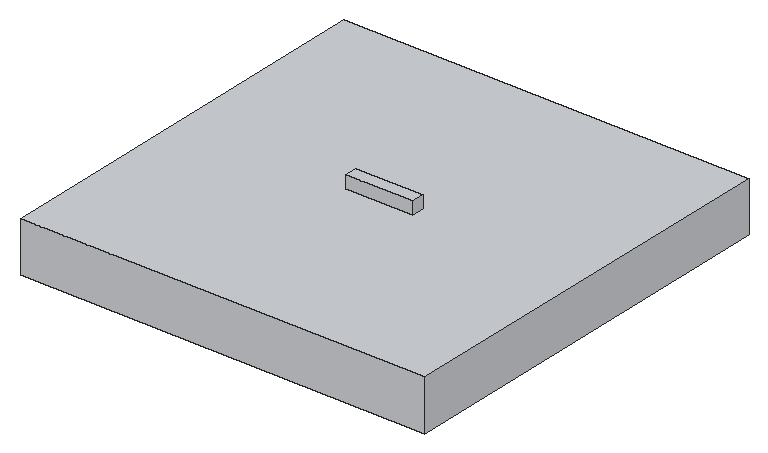
Revit family "設備サポート_I形", category 一般モデル, Revit 2020
Family settings
  ホスト = 面
  鉄筋をホスト可能 = いいえ
  丸型コネクタ寸法 = 直径を使用
  パーツ タイプ = 標準
  ロード時にボイドで切り取り = いいえ
  共有 = いいえ
  部屋計算ポイント = いいえ
Parameters
  長辺 [instance] = if(長さ1 > 長さ2, 長さ1, 長さ2)  # 400 mm
  長さ2 [instance] = 75 mm
  長さ1 [instance] = 400 mm
  構造マテリアル [instance] = none
  Default Elevation = 1219.2 mm
  幅1 [instance] = 75 mm
Reference planes
  plane 1 "中心(正面/背面)": y = 0
  plane 2: z = 0
  plane 3 "中心(左/右)": x = 0
Forms (mm)
  Extrusion 1, solid
    sketch origin (0, 0, 0) x (1, 0, 0) y (0, 1, 0)
      loop
        line (-1219.2, 1219.2) -> (-1219.2, -1219.2) -> (1219.2, -1219.2) -> (1219.2, 1219.2) -> (-1219.2, 1219.2)
    from 0 to -304.8
  Extrusion 2, solid, material <- "構造マテリアル"
    sketch origin (0, 0, 0) x (1, 0, 0) y (0, 1, 0)
      loop
        line (-200, 37.5) -> (-200, -37.5) -> (200, -37.5) -> (200, 37.5) -> (-200, 37.5)
    from 0 to 75
Lines and regions (mm)
  reference lines
    curve 1: line (-200, -37.5, 0) -> (-200, 37.5, 0)
    curve 2: line (200, 37.5, 0) -> (200, -37.5, 0)
    curve 3: line (200, -37.5, 0) -> (-200, -37.5, 0)
    curve 4: line (-200, 37.5, 0) -> (200, 37.5, 0)
    curve 5: line (-480, 0, 0) -> (520, 0, 0)
    curve 6: line (-200, 0, 75) -> (200, 0, 75)
Dimensions and locks
  equal spacing: curve 4, plane 1 "中心(正面/背面)", curve 3
  equal spacing: curve 1, plane 3 "中心(左/右)", curve 2
  "幅1": curve 4 to curve 3
  "長さ1": curve 1 to curve 2
  "長さ2": curve 6 to curve 5
  equal spacing: curve 6, plane 3 "中心(左/右)", curve 6
  equal spacing: curve 3, plane 3 "中心(左/右)", curve 3
  "長さ1": curve 6 to curve 6
  "長さ1": curve 3 to curve 3
  aligned and locked: plane 2 to Extrusion 1
  aligned and locked: level to Extrusion 1
  aligned and locked: Extrusion 2 to curve 1  (x3)
  aligned and locked: Extrusion 2 to curve 2
  aligned and locked: Extrusion 2 to curve 6
Automatic sketch dimensions
  Extrusion 1 sketch curve to Extrusion 1 sketch curve = 2438.4 mm  (x2)
  Extrusion 2 sketch curve to plane 3 "中心(左/右)" = 200 mm
  plane 3 "中心(左/右)" to Extrusion 2 sketch curve = 200 mm
  plane 1 "中心(正面/背面)" to Extrusion 2 sketch curve = 37.5 mm
  Extrusion 2 sketch curve to plane 1 "中心(正面/背面)" = 37.5 mm
  curve 5 to level = 0 mm
  curve 5 to curve 6 = 280 mm
  curve 6 to curve 5 = 320 mm
